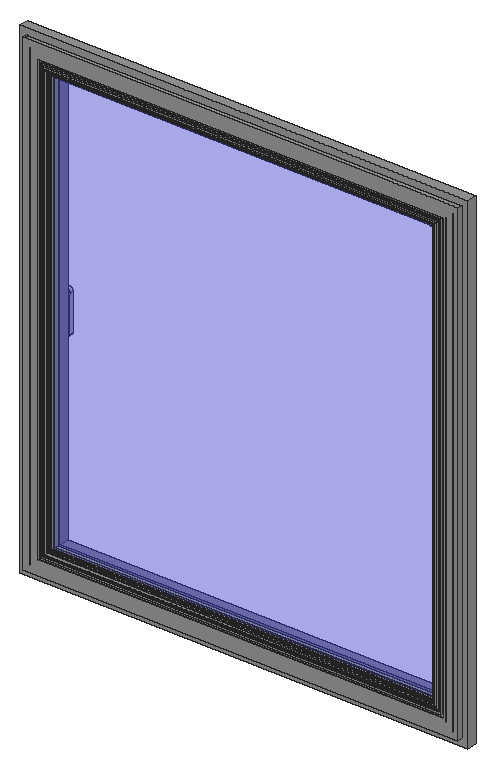
Revit family "Parallel Opening 501.10. 114 - 115", category Windows, Revit 2014
Parameters
  width [instance] = 144.000 cm
  w [instance] = width + 2 * [left/right offset from mullion]  # 147.000 cm
  top/bottom offset from mullion [instance] = 1.500 cm
  left/right offset from mullion [instance] = 1.500 cm
  height [instance] = 158.000 cm
  h [instance] = height + 2 * [top/bottom offset from mullion]  # 161.000 cm
  Opening symbol = no
  Opening angle [instance] = 0.00°
  Handle visibility = yes
  Glass = none
  Frame = none
Reference planes (cm)
  plane 1 "Center (Front/Right)": y = 0
  plane 2: z = 0
  plane 3 "Center (Left/Right)": x = 0
  plane 4 "Left": x = -72
  plane 5 "Right": x = 72
  plane 6 "Top": z = 158
  plane 7: z = 79
  plane 8: z = 159.5
  plane 9: x = -73.5
  plane 10: x = 73.5
  plane 11: z = -1.5
Lines and regions (cm)
  reference lines
    curve 1: line (73.5, 0, 0) -> (-73.5, 0, 0)
    curve 2: line (0, 0, 0) -> (0, 64, 0)
Text (cm)
  text "Exterior" at (-165.4078, 79.7241, 0), in view "Ref. Level"
Dimensions and locks (cm)
  equal spacing: plane 4 "Left", plane 3 "Center (Left/Right)", plane 5 "Right"
  "width": plane 4 "Left" to plane 5 "Right"
  equal spacing: plane 6 "Top", plane 7, plane 2
  "height": plane 6 "Top" to plane 2
  "top/bottom offset from mullion": plane 8 to plane 6 "Top"
  "left/right offset from mullion": plane 9 to plane 4 "Left"
  "left/right offset from mullion": plane 5 "Right" to plane 10
  "top/bottom offset from mullion": plane 2 to plane 11
  "w": curve 1 to curve 1
  equal spacing: curve 1, curve 2, curve 1
  "Opening angle": angle curve 1 to plane 1 "Center (Front/Right)"
  locked: curve 2 to curve 1 (angle 90.00°)
  aligned and locked: level to plane 2
  aligned and locked: nested 1 to plane 3 "Center (Left/Right)"
  aligned and locked: plane 1 "Center (Front/Right)" to nested 1
  aligned and locked: nested 1 to plane 7
  aligned and locked: nested 2 to plane 7
  aligned and locked: nested 2 to plane 1 "Center (Front/Right)"
  aligned and locked: plane 3 "Center (Left/Right)" to nested 3
  aligned and locked: nested 3 to plane 1 "Center (Front/Right)"
  aligned and locked: plane 1 "Center (Front/Right)" to curve 1
  aligned and locked: plane 10 to curve 1
  aligned and locked: nested 4 to curve 2
  aligned and locked: nested 4 to curve 1
  aligned and locked: plane 7 to nested 4
Nested families (cm)
  nested 1: "Frame" at (0, 0, -1.5), Frame <- "Frame", w <- "w", h <- "h", type "Frame"
    with w 147.000 cm, h 161.000 cm, Frame none
  nested 2: "Parallel Opening 501.10. 115 - section - di - cf" at (0, 0, 79) x (0, 0, 1) z (1, 0, 0), dist <- "h", type "Parallel Opening 501.10. 115 - section - di - cf"
    with dist 161.000 cm
  nested 3: "Parallel Opening 501.10. 114 - plan - di - cf" at (0, 0, 0) x (-1, 0, 0) z (0, 0, 1), dist <- "w", type "Parallel Opening 501.10. 114 - plan - di - cf"
    with dist 147.000 cm
  nested 4: "Vent" at (0, 0, -1.5) x (-1, 0, 0) z (0, 0, 1), w <- "w", h <- "h", type "Vent"
    with w 147.000 cm, h 161.000 cm, Opening symbol yes, Handle visibility yes, Glass none, Frame none
Definition of nested family "Frame"
  Parameters (values of type "Frame")
    w [instance] = 140.000 cm
    h [instance] = 153.9328 cm
    Frame [instance] = none
    Default Elevation = 121.920 cm
  Reference planes (cm)
    plane 1 "Center (Front/Back)": y = 0
    plane 2: z = 0
    plane 3 "Center (Left/Right)": x = 0
    plane 4: x = -70
    plane 5: x = 70
    plane 6: z = 153.9328
    plane 7: z = 76.9664
  Forms (cm)
    Sweep 1, solid, material <- "Frame"
      path origin (0, 0, 0) x (1, 0, 0) y (0, 0, 1)
        loop
          line (-70, 153.9328) -> (-70, 0) -> (70, 0) -> (70, 153.9328) -> (-70, 153.9328)
      profile "profile - frame : profile - frame" origin (0, 0, 153.9328) x (0, 0, 1) y (0, -1, 0)
        loop
          line (-2.4301, 1.8623) -> (-4.0001, 1.8623) -> (-4.0001, -0.9579) -> (-2.4301, -0.9579) -> (-2.4301, 1.8623)
        loop
          line (-2.452, -3.6048) -> (-4.0225, -3.6048) -> (-4.0225, -4.2748) -> (-2.452, -4.2748) -> (-2.452, -3.6048)
        loop
          line (-4.81, 2.0524) -> (-4.81, -1.1726) -> (-6.1317, -1.1726) -> (-5.3246, -3.3899) -> (-4.2321, -3.3899) -> (-4.2321, -4.2748) -> (-6.1941, -4.2748) -> (-6.1941, -3.9144) -> (-6.9126, -3.9144) -> (-6.9126, -4.4648) -> (-2.2292, -4.4648) -> (-2.232, -3.0159) -> (-0.0229, -3.0159) -> (0, 0) -> (-2.2101, 0) -> (-2.2101, 2.0524) -> (-4.81, 2.0524)
        loop
          line (-0.5397, -1.1726) -> (-3.701, -1.1726) -> (-3.701, -3.3899) -> (-2.4111, -3.3899) -> (-2.4111, -2.8459) -> (-1.0397, -2.8459) -> (-1.0397, -2.5868) -> (-0.5397, -2.5868) -> (-0.5397, -1.1726)
  Dimensions and locks (cm)
    equal spacing: plane 5, plane 3 "Center (Left/Right)", plane 4
    "w": plane 5 to plane 4
    equal spacing: plane 6, plane 7, plane 2
    "h": plane 6 to plane 2
    aligned and locked: level to plane 2
    aligned and locked: Sweep 1 sketch curve to plane 6
    aligned and locked: plane 4 to Sweep 1 sketch curve
    aligned and locked: plane 2 to Sweep 1 sketch curve
    aligned and locked: plane 5 to Sweep 1 sketch curve
Definition of nested family "Vent"
  Parameters (values of type "Vent")
    w [instance] = 160.000 cm
    h [instance] = 160.000 cm
    Opening symbol [instance] = yes
    Handle visibility [instance] = yes
    Glass [instance] = none
    Frame [instance] = none
    Default Elevation = 121.920 cm
  Reference planes (cm)
    plane 1 "Center (Front/Back)": y = 0
    plane 2: z = 0
    plane 3 "Center (Left/Right)": x = 0
    plane 4: x = -80
    plane 5: x = 80
    plane 6: z = 160
    plane 7: z = 80
    plane 8: x = -70.5595
    plane 9: x = 70.5595
    plane 10: y = 3.0657
    plane 11: y = 2.2657
    plane 12: y = 1.0657
    plane 13: y = 0.4657
    plane 14: z = 150.56
    plane 15: z = 9.44
    plane 16: y = 4.4648
    plane 17: x = 76
    plane 18: x = 73.0595
    plane 19: y = -2.8352
  Forms (cm)
    Sweep 1, solid, material <- "Frame"
      path origin (0, 0, 0) x (1, 0, 0) y (0, 0, 1)
        loop
          line (-80, 160) -> (-80, 0) -> (80, 0) -> (80, 160) -> (-80, 160)
      profile "profile - vent : profile - vent" origin (0, 0, 160) x (0, 0, 1) y (0, -1, 0)
        loop
          line (-7.038, -0.4657) -> (-8.4071, -0.4657) -> (-8.4071, -2.5799) -> (-7.038, -2.5799) -> (-7.038, -0.4657)
        loop
          line (-6.8256, -2.8319) -> (-8.0161, -2.8319) -> (-8.0161, -3.6985) -> (-6.8256, -3.6985) -> (-6.8256, -2.8319)
        loop
          line (-6.6612, 2.6116) -> (-8.0161, 2.6116) -> (-8.0161, -0.1603) -> (-6.6612, -0.1603) -> (-6.6612, 2.6116)
        loop
          line (-8.2348, -4.4648) -> (-7.8395, -4.4648) -> (-7.8395, -3.9144) -> (-6.1941, -3.9144) -> (-6.1941, -0.1603) -> (-5.7464, -0.1603) -> (-5.7464, 2.1852) -> (-6.4403, 2.1852) -> (-6.4403, 2.6116) -> (-4.81, 2.6116) -> (-4.81, 2.0524) -> (-4.09, 2.0524) -> (-4.09, 2.8352) -> (-10.94, 2.8352) -> (-10.94, -0.4657) -> (-9.4405, -0.4657) -> (-9.4405, -1.0657) -> (-10.7905, -1.0657) -> (-10.7905, -2.2657) -> (-9.4405, -2.2657) -> (-9.4405, -3.0657) -> (-10.9395, -3.0657) -> (-10.9395, -3.6649) -> (-10.9149, -3.7879) -> (-10.8272, -3.893) -> (-10.7405, -3.966) -> (-10.628, -4.0376) -> (-10.482, -4.1099) -> (-10.3481, -4.1641) -> (-10.1627, -4.2259) -> (-9.7307, -4.3313) -> (-9.2747, -4.4033) -> (-9.0237, -4.426) -> (-8.632, -4.4561) -> (-8.2348, -4.4648)
    Extrusion 2, solid, material <- "Glass"
      sketch origin (0, 0, 0) x (1, 0, 0) y (0, 0, 1)
        loop
          line (-70.5595, 150.5595) -> (-70.5595, 9.4405) -> (70.5595, 9.4405) -> (70.5595, 150.5595) -> (-70.5595, 150.5595)
      from -2.2657 to -3.0657
    Extrusion 3, solid, material <- "Glass"
      sketch origin (0, 0, 0) x (1, 0, 0) y (0, 0, 1)
        loop
          line (-70.5595, 150.56) -> (-70.5595, 9.44) -> (70.5595, 9.44) -> (70.5595, 150.56) -> (-70.5595, 150.56)
      from -1.0657 to -0.4657
  Lines and regions (cm)
    symbolic lines, visible <- "Opening symbol"
      curve 1: line (70.5595, 0, 150.5595) -> (0, 0, 9.4405)
      curve 2: line (0, 0, 9.4405) -> (-70.5595, 0, 150.56)
      curve 3: line (-70.5595, 0, 150.56) -> (70.5595, 0, 80)
      curve 4: line (70.5595, 0, 80) -> (-70.5595, 0, 9.4405)
  Dimensions and locks (cm)
    equal spacing: plane 5, plane 3 "Center (Left/Right)", plane 4
    "w": plane 5 to plane 4
    equal spacing: plane 6, plane 7, plane 2
    "h": plane 6 to plane 2
    locked: plane 4 to plane 8 at 9.4405
    locked: plane 9 to plane 5 at 9.4405
    locked: plane 1 "Center (Front/Back)" to plane 13 at 0.4657
    locked: plane 1 "Center (Front/Back)" to plane 12 at 1.0657
    locked: plane 1 "Center (Front/Back)" to plane 11 at 2.2657
    locked: plane 1 "Center (Front/Back)" to plane 10 at 3.0657
    locked: plane 6 to plane 14 at 9.44
    locked: plane 15 to plane 2 at 9.44
    locked: plane 16 to plane 10 at 1.3991
    locked: plane 17 to plane 5 at 4
    locked: plane 17 to plane 18 at 2.9405
    locked: plane 13 to plane 19 at 3.3009
    aligned and locked: level to plane 2
    aligned and locked: Sweep 1 sketch curve to plane 6
    aligned and locked: plane 4 to Sweep 1 sketch curve
    aligned and locked: plane 2 to Sweep 1 sketch curve
    aligned and locked: plane 5 to Sweep 1 sketch curve
    aligned and locked: Extrusion 3 sketch curve to plane 15
    aligned and locked: Extrusion 3 sketch curve to plane 9
    aligned and locked: Extrusion 3 sketch curve to plane 14
    aligned and locked: Extrusion 3 sketch curve to plane 8
    aligned and locked: nested 1 to plane 7
    aligned and locked: plane 19 to nested 1
    aligned and locked: nested 1 to plane 18
  Automatic sketch dimensions
    plane 8 to curve 3 = 0.000 cm
    plane 8 to curve 4 = 0.000 cm
    curve 2 to plane 3 "Center (Left/Right)" = 0.000 cm
    curve 4 to plane 7 = 0.000 cm
    curve 4 to plane 9 = 0.000 cm
    curve 3 to plane 14 = 0.000 cm
    curve 1 to plane 15 = 0.0005 cm
    curve 1 to plane 9 = 0.000 cm
    curve 4 to plane 15 = 0.0005 cm
    curve 1 to plane 14 = 0.0005 cm
    Extrusion 2 sketch curve to plane 8 = 0.000 cm
    Extrusion 2 sketch curve to plane 9 = 0.000 cm
    Extrusion 2 sketch curve to plane 15 = 0.0005 cm
    Extrusion 2 sketch curve to plane 14 = 0.0005 cm
  Nested families (cm)
    nested 1: "handle - opening" at (73.0595, -2.8352, 80) x (1, 0, 0) z (0, -1, 0), visible <- "Handle visibility", type "-"
  Definition of nested family "handle - opening"
    Parameters (values of type "-")
      Model = "Door handle"  # constant formula
      Manufacturer = "Schueco International KG"  # constant formula
      Handle 2 = not(Handle 1)  # no
      Handle 1 = yes
      Fittings = none
      Familie Erstellungsdatum = "02.2016"  # constant formula
    Reference planes (cm)
      plane 1 "Center (Front/Back)": y = 0
      plane 2: z = 0
      plane 3 "Center (Left/Right)": x = 0
    Forms (cm)
      Extrusion 1, solid, material <- "Fittings", visible <- "Handle 2", detail levels medium+fine
        sketch origin (0, 0, 0) x (1, 0, 0) y (0, 1, 0)
          loop
            arc (-1.1989, -2.4071) -> (0, -3.606) -> (1.1989, -2.4071) r 1.1989
            line (1.1989, -2.4071) -> (1.1989, 0)
            arc (1.1989, 0) -> (0, 1.1989) -> (-1.1989, 0) r 1.1989
            line (-1.1989, 0) -> (-1.1989, -2.4071)
        from 4.35 to 5.55
      Extrusion 2, solid, material <- "Fittings", visible <- "Handle 2", detail levels medium+fine
        sketch origin (0, 0, -2.0829) x (1, 0, 0) y (0, 1, 0)
          loop
            circle (0, 0) r 1.1989
        from 3.4829 to 6.4328
      Extrusion 3, solid, material <- "Fittings", visible <- "Handle 2", detail levels medium+fine
        sketch origin (0, 0, 0) x (1, 0, 0) y (0, 1, 0)
          loop
            arc (-1.625, -1.875) -> (0, -3.5) -> (1.625, -1.875) r 1.625
            line (1.625, -1.875) -> (1.625, 1.875)
            arc (1.625, 1.875) -> (0, 3.5) -> (-1.625, 1.875) r 1.625
            line (-1.625, 1.875) -> (-1.625, -1.875)
        from 0 to 1.4
      Extrusion 4, solid, material <- "Fittings", visible <- "Handle 1", detail levels medium+fine
        sketch origin (0, 0, 0) x (1, 0, 0) y (0, 1, 0)
          loop
            spline (-1.1989, -12.1662) -> (-1.158, -12.3708) -> (-1.0382, -12.5614) -> (-0.8477, -12.7252) -> (-0.5994, -12.8508) -> (-0.3103, -12.9298) -> (0, -12.9567) -> (0.3103, -12.9298) -> (0.5994, -12.8508) -> (0.8477, -12.7252) -> (1.0382, -12.5614) -> (1.158, -12.3708) -> (1.1989, -12.1662)
            line (1.1989, -12.1662) -> (1.1989, 0)
            arc (1.1989, 0) -> (0, 1.1989) -> (-1.1989, 0) r 1.1989
            line (-1.1989, 0) -> (-1.1989, -12.1662)
        from 4.35 to 5.6
      Extrusion 5, solid, material <- "Fittings", visible <- "Handle 1", detail levels medium+fine
        sketch origin (0, 0, -2.0829) x (1, 0, 0) y (0, 1, 0)
          loop
            circle (0, 0) r 1.1989
        from 2.0829 to 6.4328
    Cuts and joins
      joined: Extrusion 1, Extrusion 2
      joined: Extrusion 4, Extrusion 5
    Dimensions and locks (cm)
      aligned and locked: level to plane 2
Definition of nested family "Parallel Opening 501.10. 115 - section - di - cf"
  Parameters (values of type "Parallel Opening 501.10. 115 - section - di - cf")
    dist [instance] = 120.000 cm
  Reference planes (cm)
    plane 1 "Center (Front/Back)": y = 0
    plane 2: z = 0
    plane 3 "Center (Left/Right)": x = 0
    plane 4: x = -60
    plane 5: x = 60
    plane 6: x = 48.5331
    plane 7: x = -48.5331
    plane 8: y = -4.4648
    plane 9: y = 2.8352
    plane 10: x = -57.7899
    plane 11: x = 57.7899
  Lines and regions (cm)
    Masking region 1, in view "Ref. Level", detail levels coarse+fine
      outline origin (0, 0, 0) x (1, 0, 0) y (0, 1, 0)
        loop
          line (-57.7899, 2.8352) -> (-57.7899, 0) -> (-60, 0) -> (-60, -3.0159) -> (-57.7899, -3.0159) -> (-57.7899, -4.4648) -> (57.7899, -4.4648) -> (57.7899, -3.0159) -> (60, -3.0159) -> (60, 0) -> (57.7899, 0) -> (57.7899, 2.8352) -> (-57.7899, 2.8352)
    detail lines, in view "Ref. Level", detail levels fine
      curve 1: line (-48.5331, 2.8352, 0) -> (48.5331, 2.8352, 0)
      curve 2: line (-48.5331, -0.4657, 0) -> (48.5331, -0.4657, 0)
      curve 3: line (-48.5331, -0.6662, 0) -> (48.5331, -0.6662, 0)
      curve 4: line (-48.5331, -0.8657, 0) -> (48.5331, -0.8657, 0)
      curve 5: line (-48.5331, -1.0657, 0) -> (48.5331, -1.0657, 0)
      curve 6: line (-48.5331, -2.2657, 0) -> (48.5331, -2.2657, 0)
      curve 7: line (-48.5331, -2.4657, 0) -> (48.5331, -2.4657, 0)
      curve 8: line (-48.5331, -2.6657, 0) -> (48.5331, -2.6657, 0)
      curve 9: line (-48.5331, -2.8657, 0) -> (48.5331, -2.8657, 0)
      curve 10: line (-48.5331, -3.0657, 0) -> (48.5331, -3.0657, 0)
      curve 11: line (-48.5331, -3.335, 0) -> (48.5331, -3.335, 0)
      curve 12: line (-48.5331, -4.4648, 0) -> (48.5331, -4.4648, 0)
  Dimensions and locks (cm)
    equal spacing: plane 4, plane 3 "Center (Left/Right)", plane 5
    "dist": plane 4 to plane 5
    locked: plane 4 to plane 7 at 11.4669
    locked: plane 6 to plane 5 at 11.4669
    locked: plane 1 "Center (Front/Back)" to plane 9 at 2.8352
    locked: plane 8 to plane 1 "Center (Front/Back)" at 4.4648
    locked: plane 4 to plane 10 at 2.2101
    locked: plane 11 to plane 5 at 2.2101
    aligned and locked: plane 7 to curve 1
    aligned and locked: plane 7 to curve 12
    aligned and locked: plane 7 to curve 11
    aligned and locked: plane 7 to curve 10
    aligned and locked: plane 7 to curve 9
    aligned and locked: plane 7 to curve 8
    aligned and locked: plane 7 to curve 7
    aligned and locked: plane 7 to curve 6
    aligned and locked: plane 7 to curve 5
    aligned and locked: plane 7 to curve 4
    aligned and locked: plane 7 to curve 3
    aligned and locked: plane 7 to curve 2
    aligned and locked: plane 6 to curve 12
    aligned and locked: plane 6 to curve 10
    aligned and locked: plane 6 to curve 11
    aligned and locked: plane 6 to curve 8
    aligned and locked: plane 6 to curve 9
    aligned and locked: plane 6 to curve 7
    aligned and locked: plane 6 to curve 6
    aligned and locked: plane 6 to curve 5
    aligned and locked: plane 6 to curve 4
    aligned and locked: plane 6 to curve 3
    aligned and locked: plane 6 to curve 2
    aligned and locked: plane 6 to curve 1
    aligned and locked: Masking region 1 sketch curve to curve 1
    aligned and locked: Masking region 1 sketch curve to curve 12
    aligned and locked: Masking region 1 sketch curve to plane 4
    aligned and locked: plane 5 to Masking region 1 sketch curve
    aligned and locked: Masking region 1 sketch curve to plane 10  (x2)
    aligned and locked: plane 11 to Masking region 1 sketch curve
    aligned and locked: import instance to plane 4
    aligned and locked: import instance to plane 9
    aligned and locked: plane 5 to import instance
    aligned and locked: plane 9 to import instance
  Automatic sketch dimensions
    plane 8 to curve 12 = 0.000 cm
    plane 9 to curve 1 = 0.000 cm
    curve 11 to plane 8 = 1.1298 cm
    curve 11 to curve 10 = 0.2692 cm
    curve 10 to curve 9 = 0.200 cm
    curve 9 to curve 8 = 0.200 cm
    curve 8 to curve 7 = 0.200 cm
    curve 7 to curve 6 = 0.200 cm
    plane 1 "Center (Front/Back)" to curve 5 = 1.0657 cm
    curve 5 to curve 4 = 0.200 cm
    curve 4 to curve 3 = 0.1995 cm
    curve 3 to curve 2 = 0.2005 cm
    Masking region 1 sketch curve to plane 11 = 0.000 cm
    plane 1 "Center (Front/Back)" to Masking region 1 sketch curve = 0.000 cm  (x2)
    Masking region 1 sketch curve to plane 8 = 1.4489 cm  (x2)
Definition of nested family "Parallel Opening 501.10. 114 - plan - di - cf"
  Parameters (values of type "Parallel Opening 501.10. 114 - plan - di - cf")
    dist [instance] = 120.000 cm
  Reference planes (cm)
    plane 1 "Center (Front/Back)": y = 0
    plane 2: z = 0
    plane 3 "Center (Left/Right)": x = 0
    plane 4: x = -60
    plane 5: x = 60
    plane 6: x = 48.5331
    plane 7: x = -48.5331
    plane 8: y = -4.4648
    plane 9: y = 2.8352
    plane 10: x = -57.7899
    plane 11: x = 57.7899
  Lines and regions (cm)
    Masking region 1, in view "Ref. Level", detail levels coarse+fine
      outline origin (0, 0, 0) x (1, 0, 0) y (0, 1, 0)
        loop
          line (-57.7899, 2.8352) -> (-57.7899, 0) -> (-60, 0) -> (-60, -3.0159) -> (-57.7899, -3.0159) -> (-57.7899, -4.4648) -> (57.7899, -4.4648) -> (57.7899, -3.0159) -> (60, -3.0159) -> (60, 0) -> (57.7899, 0) -> (57.7899, 2.8352) -> (-57.7899, 2.8352)
    detail lines, in view "Ref. Level", detail levels fine
      curve 1: line (-48.5331, 2.8352, 0) -> (48.5331, 2.8352, 0)
      curve 2: line (-48.5331, -0.4657, 0) -> (48.5331, -0.4657, 0)
      curve 3: line (-48.5331, -0.6662, 0) -> (48.5331, -0.6662, 0)
      curve 4: line (-48.5331, -0.8657, 0) -> (48.5331, -0.8657, 0)
      curve 5: line (-48.5331, -1.0657, 0) -> (48.5331, -1.0657, 0)
      curve 6: line (-48.5331, -2.2657, 0) -> (48.5331, -2.2657, 0)
      curve 7: line (-48.5331, -2.4657, 0) -> (48.5331, -2.4657, 0)
      curve 8: line (-48.5331, -2.6657, 0) -> (48.5331, -2.6657, 0)
      curve 9: line (-48.5331, -2.8657, 0) -> (48.5331, -2.8657, 0)
      curve 10: line (-48.5331, -3.0657, 0) -> (48.5331, -3.0657, 0)
      curve 11: line (-48.5331, -3.335, 0) -> (48.5331, -3.335, 0)
      curve 12: line (-48.5331, -4.4648, 0) -> (48.5331, -4.4648, 0)
  Dimensions and locks (cm)
    equal spacing: plane 4, plane 3 "Center (Left/Right)", plane 5
    "dist": plane 4 to plane 5
    locked: plane 4 to plane 7 at 11.4669
    locked: plane 6 to plane 5 at 11.4669
    locked: plane 1 "Center (Front/Back)" to plane 9 at 2.8352
    locked: plane 8 to plane 1 "Center (Front/Back)" at 4.4648
    locked: plane 4 to plane 10 at 2.2101
    locked: plane 11 to plane 5 at 2.2101
    aligned and locked: plane 7 to curve 1
    aligned and locked: plane 7 to curve 12
    aligned and locked: plane 7 to curve 11
    aligned and locked: plane 7 to curve 10
    aligned and locked: plane 7 to curve 9
    aligned and locked: plane 7 to curve 8
    aligned and locked: plane 7 to curve 7
    aligned and locked: plane 7 to curve 6
    aligned and locked: plane 7 to curve 5
    aligned and locked: plane 7 to curve 4
    aligned and locked: plane 7 to curve 3
    aligned and locked: plane 7 to curve 2
    aligned and locked: plane 6 to curve 12
    aligned and locked: plane 6 to curve 10
    aligned and locked: plane 6 to curve 11
    aligned and locked: plane 6 to curve 8
    aligned and locked: plane 6 to curve 9
    aligned and locked: plane 6 to curve 7
    aligned and locked: plane 6 to curve 6
    aligned and locked: plane 6 to curve 5
    aligned and locked: plane 6 to curve 4
    aligned and locked: plane 6 to curve 3
    aligned and locked: plane 6 to curve 2
    aligned and locked: plane 6 to curve 1
    aligned and locked: import instance to plane 9
    aligned and locked: plane 10 to import instance
    aligned and locked: import instance to plane 11
    aligned and locked: plane 9 to import instance
    aligned and locked: Masking region 1 sketch curve to curve 1
    aligned and locked: Masking region 1 sketch curve to curve 12
    aligned and locked: Masking region 1 sketch curve to import instance  (x4)
    aligned and locked: Masking region 1 sketch curve to plane 4
    aligned and locked: plane 5 to Masking region 1 sketch curve
    aligned and locked: Masking region 1 sketch curve to plane 10  (x2)
    aligned and locked: plane 11 to Masking region 1 sketch curve
    aligned and locked: plane 5 to import instance
    aligned and locked: import instance to plane 4
  Automatic sketch dimensions
    plane 8 to curve 12 = 0.000 cm
    plane 9 to curve 1 = 0.000 cm
    curve 11 to plane 8 = 1.1298 cm
    curve 11 to curve 10 = 0.2692 cm
    curve 10 to curve 9 = 0.200 cm
    curve 9 to curve 8 = 0.200 cm
    curve 8 to curve 7 = 0.200 cm
    curve 7 to curve 6 = 0.200 cm
    plane 1 "Center (Front/Back)" to curve 5 = 1.0657 cm
    curve 5 to curve 4 = 0.200 cm
    curve 4 to curve 3 = 0.1995 cm
    curve 3 to curve 2 = 0.2005 cm
    Masking region 1 sketch curve to plane 11 = 0.000 cm
